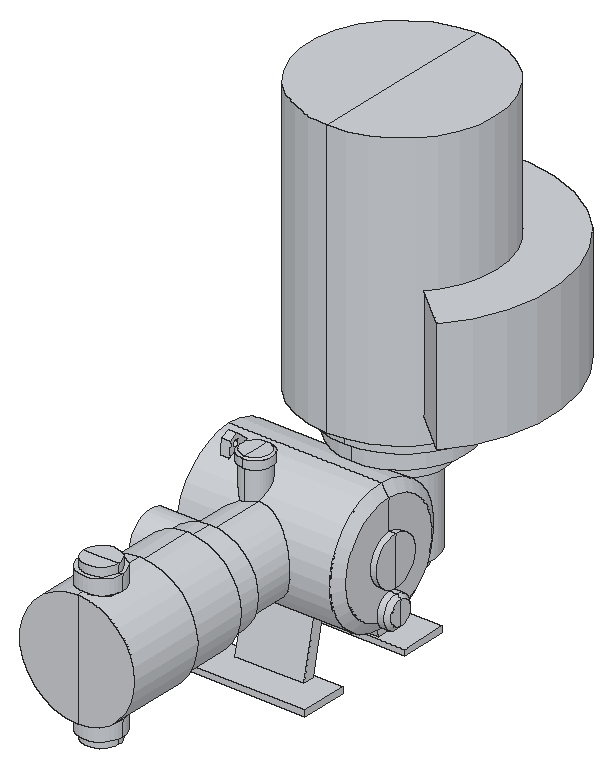
Revit family "Дозатор коагулянта, щелочи-Seko Spring", category Оборудование, Revit 2020
Family settings
  Размер круглого соединителя = Использовать диаметр
  Классификация = Нет
  Тип детали = Нормальный
  На основе рабочей плоскости = Нет
  Всегда вертикально = Да
  При загрузке вырезать с полостями = Нет
  Общий = Нет
  Точка расчета площади = Нет
Parameters
  Отметка по умолчанию = 0 mm
  ADSK_Позиция [instance] = ""
  ADSK_Обозначение [instance] = ""
  ADSK_Наименование краткое [instance] = ""
  ADSK_Наименование [instance] = "Дозатор коагулянта, щелочи-Seko Spring (1)"
  ADSK_Материал наименование [instance] = ""
  ADSK_Масса_Текст [instance] = ""
  ADSK_Марка [instance] = ""
  ADSK_Завод-изготовитель [instance] = ""
Reference planes
  plane 1 "По центру (Вперед/Назад)": y = 0
  plane 2: z = 0
  plane 3 "По центру (Влево/Вправо)": x = 0
Forms (mm)
  Revolve 1, solid
    sketch origin (0, 0, 0) x (0, 1, 0) y (0, 0, 1)
      loop
        line (0, 41.327) -> (11.729, 41.327) -> (11.729, 43.592) -> (13.832, 43.592) -> (13.832, 47.205) -> (16.636, 47.205) -> (16.636, 54.054) -> (18.146, 54.054) -> (18.146, 56.103) -> (23.862, 56.103) -> (23.862, 119.053) -> (31.474, 119.053) -> (31.474, 132.631) -> (46.474, 132.631) -> (46.474, 147.205) -> (53.552, 147.205) -> (53.552, 161.587) -> (69.556, 161.587) -> (69.556, 365.609) -> (0, 365.609) -> (0, 41.327)
      axis (0, 365.609) -> (0, 41.327)
    angle from 0 to 360
  Revolve 2, solid
    sketch origin (-35.603, 0, 0) x (0, 1, 0) y (0, 0, 1)
      loop
        line (-256.067, 80.724) -> (-50.613, 80.724) -> (-50.613, 111.912) -> (-130.96, 111.912) -> (-133.741, 116.539) -> (-154.327, 116.539) -> (-154.327, 120.382) -> (-198.494, 120.382) -> (-198.494, 123.402) -> (-256.067, 123.402) -> (-256.067, 80.724)
      axis (-256.067, 80.724) -> (-50.613, 80.724)
    angle from 0 to 360
  Revolve 3, solid
    sketch origin (0, -50.969, 0) x (1, 0, 0) y (0, 0, 1)
      loop
        line (-87.333, 81.336) -> (36.046, 81.336) -> (36.046, 99.153) -> (31.046, 99.153) -> (31.046, 121.303) -> (25.31, 129.495) -> (-87.333, 129.495) -> (-87.333, 81.336)
      axis (-87.333, 81.336) -> (36.046, 81.336)
    angle from 0 to 360
  Extrusion 4, solid
    sketch origin (0, 0, 0) x (0, 1, 0) y (0, 0, 1)
      loop
        line (12.565, 0) -> (12.565, 4.223) -> (-22.435, 4.223) -> (-22.435, 0) -> (12.565, 0)
      loop
        line (-114.502, 0) -> (-79.502, 0) -> (-79.502, 4.223) -> (-114.502, 4.223) -> (-114.502, 0)
    from -68.239 to 19.51
  Extrusion 5, solid
    sketch origin (0, 0, 0) x (0, 1, 0) y (0, 0, 1)
      loop
        line (-20, 4.223) -> (-11.683, 4.223) -> (-21.994, 45.576) -> (-28.871, 39.805) -> (-20, 4.223)
      loop
        line (-81.721, 4.223) -> (-72.529, 41.091) -> (-79.406, 46.862) -> (-90.037, 4.223) -> (-81.721, 4.223)
    from -51.731 to -1.238
  Extrusion 6, solid
    sketch origin (0, 0, 0) x (0, 1, 0) y (0, 0, 1)
      loop
        circle (-118.386, 80.606) r 20
    from -91.594 to -51.731
  Revolve 7, solid
    sketch origin (-35.488, 0, 0) x (0, 1, 0) y (0, 0, 1)
      loop
        line (96.975, 95.012) -> (96.975, 102.126) -> (95.369, 102.126) -> (95.369, 107.126) -> (94.01, 107.126) -> (94.01, 115.219) -> (39.01, 115.219) -> (39.01, 113.179) -> (29.01, 113.179) -> (23.593, 107.763) -> (17.828, 107.763) -> (17.828, 105.717) -> (13.419, 105.717) -> (13.419, 108.986) -> (6.394, 108.986) -> (6.394, 110.845) -> (-33.025, 110.845) -> (-33.025, 95.012) -> (96.975, 95.012)
      axis (-33.025, 95.012) -> (96.975, 95.012)
    angle from 0 to 360
  Extrusion 8, solid
    sketch origin (0, 0, 0) x (0, 1, 0) y (0, 0, 1)
      loop
        line (6.53, 76.241) -> (-4.731, 85.691) -> (-9.501, 61.15) -> (4.594, 66.28) -> (6.53, 76.241)
      loop
        line (-57.353, 128.148) -> (-67.053, 136.288) -> (-73.289, 133.379) -> (-74.939, 119.948) -> (-57.353, 128.148)
      loop
        line (-88.385, 55.45) -> (-89.565, 38.57) -> (-86.576, 35.581) -> (-68.597, 38.428) -> (-88.385, 55.45)
      loop
        circle (-84.14, 41.582) r 2.707
      loop
        circle (-0.041, 72.614) r 2.52
      loop
        circle (-68.548, 130.403) r 2.487
    from -74.97 to -68.638
  Revolve 9, solid
    sketch origin (-43.781, 0, 0) x (0, 1, 0) y (0, 0, 1)
      loop
        line (-80.922, 100.69) -> (-80.922, 140.69) -> (-91.505, 140.69) -> (-92.864, 139.33) -> (-92.864, 133.438) -> (-91.135, 133.438) -> (-91.135, 100.69) -> (-80.922, 100.69)
      axis (-80.922, 100.69) -> (-80.922, 140.69)
    angle from 0 to 360
  Revolve 10, solid
    sketch origin (0, -50.988, 0) x (1, 0, 0) y (0, 0, 1)
      loop
        line (31.046, 47.941) -> (39.581, 47.941) -> (39.581, 56.801) -> (36.628, 59.754) -> (31.046, 59.754) -> (31.046, 47.941)
      axis (31.046, 47.941) -> (39.581, 47.941)
    angle from 0 to 360
  Revolve 11, solid
    sketch origin (-38.793, 37.925, -0.193) x (1, 0, 0) y (0, 0, 1)
      loop
        line (38.699, 127.299) -> (43.11, 127.299) -> (43.11, 134.969) -> (38.699, 134.969) -> (38.699, 127.299)
      axis (38.699, 127.299) -> (38.699, 134.969)
    angle from 0 to 360
  Extrusion 12, solid
    sketch origin (0, 0, 0) x (1, 0, 0) y (0, 1, 0)
      loop
        line (-17.625, 108.579) -> (-11.145, 68.657)
        arc (-11.145, 68.657) -> (60.742, 33.888) -> (52.57, -45.546) r 69.556
        line (52.57, -45.546) -> (83.137, -72.029)
        arc (83.137, -72.029) -> (96.061, 53.593) -> (-17.625, 108.579) r 110
    from 180.666 to 264.05
  Revolve 13, solid
    sketch origin (0, 0, 223.658) x (1, 0, 0) y (0, 1, 0)
      loop
        line (-14.385, 88.618) -> (-16.131, 99.374) -> (-40.808, 95.369) -> (-39.863, 89.548) -> (-49.734, 87.945) -> (-48.933, 83.01) -> (-14.385, 88.618)
      axis (-14.385, 88.618) -> (-48.933, 83.01)
    angle from 0 to 360
  Revolve 14, solid
    sketch origin (0, -234.092, 0) x (1, 0, 0) y (0, 0, 1)
      loop
        line (-48.328, 120.112) -> (-48.328, 79.433) -> (-48.328, 38.754) -> (-51.43, 36.582) -> (-51.43, 25.429) -> (-48.328, 25.429) -> (-48.328, 19.433) -> (-35.432, 19.433) -> (-35.432, 139.433) -> (-48.328, 139.433) -> (-48.328, 133.438) -> (-51.43, 133.438) -> (-51.43, 122.284) -> (-48.328, 120.112)
      axis (-35.432, 19.433) -> (-35.432, 139.433)
    angle from 0 to 360
Dimensions and locks
  aligned and locked: level to plane 2
Connectors
  piping at (-35.432, -234.092, 139.433), diameter 25
    settings: on Revolve 14, index 1, connector inside diameter 609.6 mm, connector length 0 mm, flow factor 0, pipe flow 0.0 L/s, pressure drop 0.0 Pa, fitting loss kfactor 0, connector angle 0.00°, fixture units 0, engagement length 0 mm, angle of deflection 0.00°, flow configuration 0, flow direction 0, fitting loss method 0, system type 29, joint type 0, gender type 0, connector reference index -1, connector utility 0, adjustable connector no, is connector primary yes, connector description ""
  piping at (-35.432, -234.092, 19.433), diameter 25
    settings: on Revolve 14, index 2, connector inside diameter 609.6 mm, connector length 0 mm, flow factor 0, pipe flow 0.0 L/s, pressure drop 0.0 Pa, fitting loss kfactor 0, connector angle 0.00°, fixture units 0, engagement length 0 mm, angle of deflection 0.00°, flow configuration 0, flow direction 0, fitting loss method 0, system type 29, joint type 0, gender type 0, connector reference index -1, connector utility 0, adjustable connector no, is connector primary no, connector description ""
